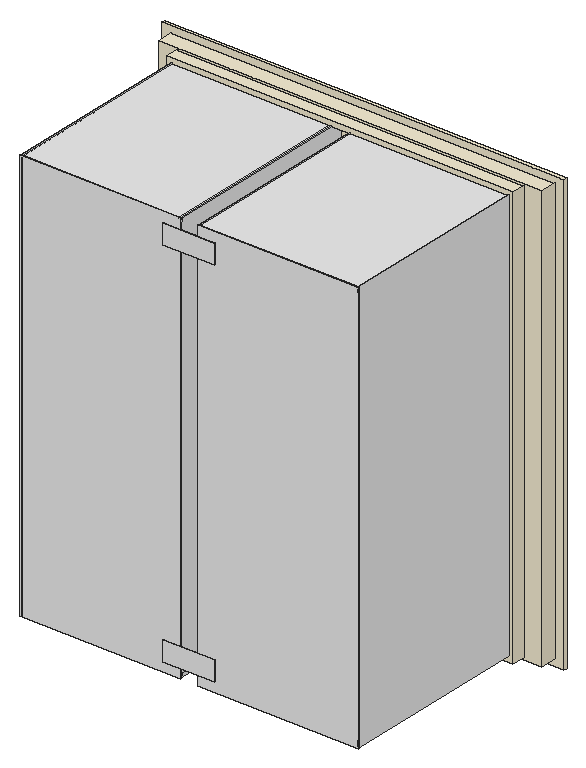
Revit family "Mailboxes_4C-Salsbury_Industries-Front_Load-9_Door_High_Units", category Specialty Equipment, host Wall, Revit 2016
Family settings
  Host = Wall
  Part Type = Normal
  Round Connector Dimension = Use Diameter
  OmniClass Number = 23.40.90.14.11
  OmniClass Title = Mail Boxes
  Always vertical = Yes
  Cut with Voids When Loaded = No
  Shared = No
  Room Calculation Point = No
Parameters (values of type "3709D-16 FL")
  Width = 31.09766"
  URL = "www.mailboxes.com"
  OmniClass 23 Title = "Mail Boxes"
  OmniClass 23 Number = "23.40.90.14.11"
  Visible Door Number [instance] = yes
  Vertical Center Divider = yes
  Version = "3.0 (06/30/17)"
  Type Comments = "4C Standard Horizontal Mailbox - Front Loading"
  Top Back Plate = yes
  Right Inside Wall = yes
  Model = "3709D-16 FL"
  MasterFormat Title = "Postal Specialties"
  MasterFormat Number = "10 55 00"
  Manufacturer = "Salsbury Industries"
  Lock Material = Stainless Steel - Salsbury Finish -  Polished
  Left Inside Wall = yes
  Keynote = ""
  Height = 34.000"
  Front Panel Material [instance] = Paint - Salsbury Finish - Sandstone
  Door Slot R9 Number [instance] = "16"
  Door Slot R9 = 3700 Series 4C Door Configurations : MB1 Door w/ Divider
  Door Slot R8 Number [instance] = "15"
  Door Slot R8 = 3700 Series 4C Door Configurations : MB1 Door w/ Divider
  Door Slot R7 Number [instance] = "14"
  Door Slot R7 = 3700 Series 4C Door Configurations : MB1 Door w/ Divider
  Door Slot R6 Number [instance] = "13"
  Door Slot R6 = 3700 Series 4C Door Configurations : MB1 Door w/ Divider
  Door Slot R5 Number [instance] = "0"
  Door Slot R5 = 3700 Series 4C OM2 Configuration : OM2-FL
  Door Slot R4 Number [instance] = "0"
  Door Slot R4 = 3700 Series 4C Door Configurations : Empty
  Door Slot R3 Number [instance] = "12"
  Door Slot R3 = 3700 Series 4C Door Configurations : MB1 Door w/ Divider
  Door Slot R2 Number [instance] = "11"
  Door Slot R2 = 3700 Series 4C Door Configurations : MB1 Door w/ Divider
  Door Slot R1 Number [instance] = "10"
  Door Slot R1 = 3700 Series 4C Door Configurations : MB1 Door
  Door Slot L9 Number [instance] = "9"
  Door Slot L9 = 3700 Series 4C Door Configurations : MB1 Door w/ Divider
  Door Slot L8 Number [instance] = "8"
  Door Slot L8 = 3700 Series 4C Door Configurations : MB1 Door w/ Divider
  Door Slot L7 Number [instance] = "7"
  Door Slot L7 = 3700 Series 4C Door Configurations : MB1 Door w/ Divider
  Door Slot L6 Number [instance] = "6"
  Door Slot L6 = 3700 Series 4C Door Configurations : MB1 Door w/ Divider
  Door Slot L5 Number [instance] = "5"
  Door Slot L5 = 3700 Series 4C Door Configurations : MB1 Door w/ Divider
  Door Slot L4 Number [instance] = "4"
  Door Slot L4 = 3700 Series 4C Door Configurations : MB1 Door w/ Divider
  Door Slot L3 Number [instance] = "3"
  Door Slot L3 = 3700 Series 4C Door Configurations : MB1 Door w/ Divider
  Door Slot L2 Number [instance] = "2"
  Door Slot L2 = 3700 Series 4C Door Configurations : MB1 Door w/ Divider
  Door Slot L1 Number [instance] = "1"
  Door Slot L1 = 3700 Series 4C Door Configurations : MB1 Door
  Description = "9 Door High Unit:  16 MB1, OM2"
  Depth = 17.025"
  Center Extrusion Offset [instance] = 0.000"
  Bottom Back Plate = yes
  Back Enclosure Material = Aluminum - Salsbury Finish - Anodized
  Assembly Description = "Mailboxes"
  Assembly Code = "C1030910"
  Above Finished Floor (AFF-Bottom of Unit) [instance] = 26.683"
  Above Finished Floor (AFF-Bottom Shelf) [instance] = 28.000"
Reference planes (in)
  plane 1 "Wall Centerline": y = 0
  plane 2 "Center (Left/Right)": x = 0
  plane 3 "Front": y = 3
  plane 4 "15" AFF": z = 28
  plane 5 "28" AFF": z = 28
  plane 6 "36" AFF": z = 36
  plane 7 "48" AFF": z = 48
  plane 8 "Bottom of Unit": z = 26.683
  plane 9 "Top of Unit": z = 60.683
  plane 10 "Left Side of Unit": x = 15.54883
  plane 11 "Right Side of Unit": x = -15.54883
  plane 12 "28" AFF_Bottom of Unit": z = 26.683
  plane 13 "Top Horiz Trim Align": z = 59.85225
  plane 14 "Bottom Horiz Trim Align": z = 27.515
  plane 15 "Left Trim Align": x = 14.716
  plane 16 "Right Trim Align": x = -14.716
  plane 17 "Left Door Align": x = 14.06641
  plane 18 "Right Door Align": x = -14.06641
  plane 19 "Top Horiz Door Align": z = 59.26125
  plane 20 "Bottom Horiz Door Align": z = 28
  plane 21 "Front Face of Unit": y = 3.265
  plane 22 "Top Housing Align": z = 60.179
  plane 23 "Top Collar Align": z = 60.031
  plane 24 "Top Box Align": z = 59.676
  plane 25 "Vertical Housing Align": y = 1.795
  plane 26 "Vertical Collar Align": y = 0.795
  plane 27 "Back of Unit": y = -13.76
  plane 28 "Bottom Housing Align": z = 27.187
  plane 29 "Bottom Collar Align": z = 27.335
  plane 30 "Bottom Box Align": z = 27.75
  plane 31 "Door Alignment": y = 2.66809
  plane 32 "Right Housing Align": x = -14.84183
  plane 33 "Right Collar Align": x = -13.40883
  plane 34 "Right Box Side Align": x = -13.08083
  plane 35 "Left Housing Align": x = 14.84183
  plane 36 "Left Collar Align": x = 13.40883
  plane 37 "Left Side Box Align": x = 13.08083
  plane 38 "Top Back Plate Align": z = 58.897
  plane 39 "Bottom Back Plate Align": z = 28.499
  plane 40 "Back": y = -3
  plane 41 "RO Left Side": x = 15.17383
  plane 42 "RO Right Side": x = -15.17383
  plane 43 "RO Bottom": z = 27.058
  plane 44 "RO Top": z = 60.308
  plane 45 "Horiz Centerline": z = 42.04237
  plane 46: z = 27.885
  plane 47: x = 12.99983
  plane 48: x = 12.92758
  plane 49 "Center Extrusion": x = 0
  plane 50 "Center Extrusion Offset": x = 0
  plane 51 "Row 9 Top Align": z = 31.5
  plane 52 "Row 8 Top Align": z = 35
  plane 53 "Row 7 Top Align": z = 38.5
  plane 54 "Row 6 Top Align": z = 42
  plane 55 "Row 5 Top Align": z = 45.5
  plane 56 "Row 4 Top Align": z = 49
  plane 57 "Row 3 Top Align": z = 52.5
  plane 58 "Row 2 Top Align": z = 56
  plane 59 "Row 16 Top Align-Private": z = 31.5
  plane 60 "Row 15 Top Align-Private": z = 35
  plane 61 "Row 14 Top Align-Private": z = 38.5
  plane 62 "Row 13 Top Align-Private": z = 42
  plane 63 "Row 12 Top Align-Private": z = 45.5
  plane 64 "Row 11 Top Align-Private": z = 49
  plane 65 "Row 10 Top Align-Private": z = 52.25
  plane 66 "Row 9 Top Align-Private": z = 55.75
  plane 67 "Row 8 Top Align-Private": z = 59.25
  plane 68 "Top of Face Gap": z = 61.25
  plane 69 "Top Latch Align": z = 51.376
  plane 70 "Bottom Latch Align": z = 36.05
  plane 71 "Right Latch Align": x = -0.69183
  plane 72 "Left Latch Align": x = 0.69098
  plane 73 "Latch Alignment Edge": x = -15.54883
  plane 74: x = -12.92783
  plane 75: x = -12.99983
  plane 76: y = -13.84203
  plane 77: x = -2
  plane 78: x = -0.7705
  plane 79: x = 0.7705
  plane 80: x = 2
  plane 81: y = -13.67797
  plane 82: x = -0.69098
  plane 83: x = 0.69183
  plane 84: z = 57.397
  plane 85: z = 29.999
  plane 86: z = 59.31729
  plane 87: z = 28.41625
  plane 88: z = 27.446
  plane 89: z = 28.055
Forms (in)
  Extrusion 1, void
    sketch origin (0, 3, 0) x (1, 0, 0) y (0, 0, 1)
      loop
        line (15.17383, 60.308) -> (-15.17383, 60.308) -> (-15.17383, 27.058) -> (15.17383, 27.058) -> (15.17383, 60.308)
    from 0 to 15.27914
  Extrusion 2, solid, material "Paint - Salsbury Finish - Sandstone" <- "Front Panel Material"
    sketch origin (0, 3, 0) x (1, 0, 0) y (0, 0, 1)
      loop
        line (15.54883, 60.683) -> (-15.54883, 60.683) -> (-15.54883, 26.683) -> (15.54883, 26.683) -> (15.54883, 60.683)
    from -0.265 to 0
  Extrusion 3, void
    sketch origin (0, 3.265, 0.00774) x (0, 0, -1) y (-1, 0, 0)
      loop
        line (-59.84451, -14.716) -> (-27.50726, -14.716) -> (-27.50726, 14.716) -> (-59.84451, 14.716) -> (-59.84451, -14.716)
    from -0.265 to 0
  Extrusion 4, solid, material "Paint - Salsbury Finish - Sandstone" <- "Front Panel Material"
    sketch origin (14.98214, 3.265, -1.67978) x (0, 0, -1) y (-1, 0, 0)
      loop
        line (-61.53203, 29.69814) -> (-61.53203, 29.04855) -> (-29.19478, 29.04855) -> (-29.19478, 29.69814) -> (-61.53203, 29.69814)
    from 0 to -0.265
  Extrusion 5, solid, material "Paint - Salsbury Finish - Sandstone" <- "Front Panel Material"
    sketch origin (0, 3.265, 0) x (0, 0, -1) y (-1, 0, 0)
      loop
        line (-27.515, -14.06641) -> (-27.515, 14.06641) -> (-28, 14.06641) -> (-28, -14.06641) -> (-27.515, -14.06641)
    from -0.265 to 0
  Extrusion 6, solid, material "Paint - Salsbury Finish - Sandstone" <- "Front Panel Material"
    sketch origin (0, 3, 84.08475) x (1, 0, 0) y (0, 0, 1)
      loop
        line (-14.84183, -56.89775) -> (14.84183, -56.89775) -> (14.84183, -23.90575) -> (-14.84183, -23.90575) -> (-14.84183, -56.89775)
    from 0 to 1.205
  Extrusion 7, solid, material "Paint - Salsbury Finish - Sandstone" <- "Front Panel Material"
    sketch origin (0, 1.795, 0) x (0, 0, 1) y (-1, 0, 0)
      loop
        line (27.335, 13.40883) -> (27.335, -13.40883) -> (60.031, -13.40883) -> (60.031, 13.40883) -> (27.335, 13.40883)
    from 0 to 1
  Extrusion 8, void
    sketch origin (0, 1.795, 0) x (0, 0, 1) y (-1, 0, 0)
      loop
        line (59.676, 13.08083) -> (27.75, 13.08083) -> (27.75, -13.08083) -> (59.676, -13.08083) -> (59.676, 13.08083)
    from 0 to 1
  Extrusion 9, solid, material "Paint - Salsbury Finish - Sandstone" <- "Front Panel Material"
    sketch origin (0, 3.265, 0) x (0, 0, -1) y (-1, 0, 0)
      loop
        line (-59.85225, -14.716) -> (-27.515, -14.716) -> (-27.515, -14.06641) -> (-59.85225, -14.06641) -> (-59.85225, -14.716)
    from 0 to -0.265
  Extrusion 10, solid, material "Paint - Salsbury Finish - Sandstone" <- "Front Panel Material"
    sketch origin (0, 3.265, 0) x (0, 0, -1) y (-1, 0, 0)
      loop
        line (-59.85225, -14.06641) -> (-59.26125, -14.06641) -> (-59.26125, 14.06641) -> (-59.85225, 14.06641) -> (-59.85225, -14.06641)
    from -0.265 to 0
  Extrusion 11, void
    sketch origin (0, 1.795, 0) x (0, 0, 1) y (-1, 0, 0)
      loop
        line (60.031, -13.40883) -> (60.031, 13.40883) -> (27.335, 13.40883) -> (27.335, -13.40883) -> (60.031, -13.40883)
    from -1.124 to 0
  Extrusion 12, void
    sketch origin (0, 3, 0) x (1, 0, 0) y (0, 0, 1)
      loop
        line (14.06641, 60.031) -> (-14.06641, 60.031) -> (-14.06641, 27.335) -> (14.06641, 27.335) -> (14.06641, 60.031)
    from 0 to 0.33191
  Extrusion 13, solid, material "Aluminum - Salsbury Finish - Anodized" <- "Back Enclosure Material"
    sketch origin (-0.58189, 1.795, 0) x (0, 0, 1) y (-1, 0, 0)
      loop
        line (59.676, 12.49894) -> (27.75, 12.49894) -> (27.75, 12.41794) -> (59.676, 12.41794) -> (59.676, 12.49894)
    from 0 to 15.47297
  Extrusion 14, solid, material "Aluminum - Salsbury Finish - Anodized" <- "Back Enclosure Material", visible <- "Right Inside Wall"
    sketch origin (11.7675, 1.795, 0) x (0, 0, 1) y (-1, 0, 0)
      loop
        line (59.676, 12.538) -> (27.75, 12.538) -> (27.75, 12.45933) -> (59.676, 12.45933) -> (59.676, 12.538)
    from 0 to 15.47297
  Extrusion 15, solid, material "Aluminum - Salsbury Finish - Anodized" <- "Back Enclosure Material"
    sketch origin (0.54283, 1.795, 0) x (0, 0, 1) y (-1, 0, 0)
      loop
        line (59.676, -12.538) -> (59.676, -12.457) -> (27.75, -12.457) -> (27.75, -12.538) -> (59.676, -12.538)
    from 0 to 15.47297
  Extrusion 16, solid, material "Aluminum - Salsbury Finish - Anodized" <- "Back Enclosure Material", visible <- "Left Inside Wall"
    sketch origin (-11.7675, 1.795, 0) x (0, 0, 1) y (-1, 0, 0)
      loop
        line (59.676, -12.538) -> (59.676, -12.45849) -> (27.75, -12.45849) -> (27.75, -12.538) -> (59.676, -12.538)
    from 0 to 15.47297
  Extrusion 17, solid, material "Aluminum - Salsbury Finish - Anodized" <- "Back Enclosure Material"
    sketch origin (0, -13.76, 0) x (0, 0, 1) y (-1, 0, 0)
      loop
        line (59.676, 13.08083) -> (27.75, 13.08083) -> (27.75, -13.08083) -> (59.676, -13.08083) -> (59.676, 13.08083)
    from -0.08203 to 0
  Extrusion 18, solid, material "Aluminum - Salsbury Finish - Anodized" <- "Back Enclosure Material"
    sketch origin (-0.15625, 0, 59.676) x (0, 1, 0) y (-1, 0, 0)
      loop
        line (1.795, 12.84358) -> (-13.67797, 12.84358) -> (-13.67797, -13.15608) -> (1.795, -13.15608) -> (1.795, 12.84358)
    from -0.35871 to 0
  Extrusion 19, void
    sketch origin (0, 0, 59.676) x (0, 1, 0) y (-1, 0, 0)
      loop
        line (1.7325, 12.93342) -> (-13.61547, 12.93342) -> (-13.61547, -12.92758) -> (1.7325, -12.92758) -> (1.7325, 12.93342)
    from -0.0723 to -0.6459
  Extrusion 20, solid, material "Aluminum - Salsbury Finish - Anodized" <- "Back Enclosure Material"
    sketch origin (0, 0, 15.41625) x (1, 0, 0) y (0, 1, 0)
      loop
        line (-12.99983, 1.795) -> (-12.99983, -13.67797) -> (12.99983, -13.67797) -> (12.99983, 1.795) -> (-12.99983, 1.795)
    from 12.46875 to 13
  Extrusion 21, void
    sketch origin (0, 0, 27.91625) x (1, 0, 0) y (0, 1, 0)
      loop
        line (-12.93342, 1.7325) -> (-12.93342, -13.61547) -> (12.92758, -13.61547) -> (12.92758, 1.7325) -> (-12.93342, 1.7325)
    from 0.13875 to -0.47025
  Extrusion 22, solid, material "Aluminum - Salsbury Finish - Anodized" <- "Back Enclosure Material", visible <- "Top Back Plate", detail levels medium+fine
    sketch origin (0, -13.76, 0) x (0, 0, 1) y (-1, 0, 0)
      loop
        line (58.897, 2) -> (57.397, 2) -> (57.397, -2) -> (58.897, -2) -> (58.897, 2)
    from 0 to 0.08203
  Extrusion 23, solid, material "Aluminum - Salsbury Finish - Anodized" <- "Back Enclosure Material", visible <- "Bottom Back Plate", detail levels medium+fine
    sketch origin (0, -13.76, 84.11475) x (0, 0, -1) y (1, 0, 0)
      loop
        line (55.61575, -2) -> (55.61575, 2) -> (54.11575, 2) -> (54.11575, -2) -> (55.61575, -2)
    from 0 to 0.08203
  Extrusion 24, void
    sketch origin (0, 0, 0) x (0, 0, -1) y (0, 1, 0)
      loop
        line (-59.676, 1.795) -> (-59.676, -13.76) -> (-27.75, -13.76) -> (-27.75, 1.795) -> (-27.515, 1.795) -> (-27.515, 3.265) -> (-59.85225, 3.265) -> (-59.85225, 1.795) -> (-59.676, 1.795)
    from -0.69098 to 0.69183
  Extrusion 25, solid, material "Paint - Salsbury Finish - Sandstone" <- "Front Panel Material", visible <- "Vertical Center Divider"
    sketch origin (-0.77934, 3.265, 0) x (0, 0, -1) y (-1, 0, 0)
      loop
        line (-59.85225, -1.47033) -> (-27.515, -1.47033) -> (-27.515, -0.08752) -> (-59.85225, -0.08752) -> (-59.85225, -1.47033)
    from 0 to -1.47
Cuts and joins
  Extrusion 3, Extrusion 11, Extrusion 24 cuts Extrusion 2
  Extrusion 8, Extrusion 11, Extrusion 12, Extrusion 24 cuts Extrusion 5
  Extrusion 8, Extrusion 12, Extrusion 19, Extrusion 24 cuts Extrusion 7
  Extrusion 11, Extrusion 12, Extrusion 24 cuts Extrusion 10
  Extrusion 11, Extrusion 12 cuts Extrusion 6
  Extrusion 12 cuts Extrusion 4
  Extrusion 12 cuts Extrusion 9
  Extrusion 19, Extrusion 21, Extrusion 24 cuts Extrusion 18
  Extrusion 21, Extrusion 24 cuts Extrusion 20
  Extrusion 24 cuts Extrusion 17
  Extrusion 24 cuts Extrusion 22
  Extrusion 24 cuts Extrusion 23
Lines and regions (in)
  model lines
    curve 1: line (15.54883, 3.265, 60.683) -> (14.716, 3.265, 59.85225)
    curve 2: line (-15.54883, 3.265, 60.683) -> (-14.716, 3.265, 59.85225)
    curve 3: line (-15.54883, 3.265, 26.683) -> (-14.716, 3.265, 27.515)
    curve 4: line (15.54883, 3.265, 26.683) -> (14.716, 3.265, 27.515)
  reference lines
    curve 5: line (-14.06641, 2.66809, 26.683) -> (-14.06641, 2.66809, 60.683)
    curve 6: line (14.06641, 2.66809, 26.683) -> (14.06641, 2.66809, 60.683)
  symbolic lines
    curve 7: line (-13.08083, -13.76, 28) -> (13.08083, -13.76, 28)
    curve 8: line (-13.08083, 0.795, 28) -> (-13.08083, -13.76, 28)
    curve 9: line (13.40883, 0.795, 28) -> (-13.40883, 0.795, 28)
    curve 10: line (13.08083, -13.76, 28) -> (13.08083, 0.795, 28)
    curve 11: line (13.40883, 0.795, 28) -> (13.40883, 1.795, 28)
    curve 12: line (-13.40883, 0.795, 28) -> (-13.40883, 1.795, 28)
    curve 13: line (-14.84183, 3, 28) -> (-14.84183, 1.795, 28)
    curve 14: line (-14.84183, 1.795, 28) -> (14.84183, 1.795, 28)
    curve 15: line (14.84183, 1.795, 28) -> (14.84183, 3, 28)
    curve 16: line (-15.54883, 3.265, 28) -> (15.54883, 3.265, 28)
    curve 17: line (-15.54883, 3, 28) -> (-15.54883, 3.265, 28)
    curve 18: line (15.54883, 3, 28) -> (-15.54883, 3, 28)
    curve 19: line (15.54883, 3.265, 28) -> (15.54883, 3, 28)
    curve 20: line (-14.06641, 3.265, 28) -> (-14.06641, 4.43, 28)
    curve 21: line (-14.06641, 4.43, 28) -> (-0.69183, 4.43, 28)
    curve 22: line (-0.69183, 4.43, 28) -> (-0.69183, 3.265, 28)
Text (in)
  text "Placement Side" at (0, 40.15149, 123.01588), in view "Right"
  text "Placement Side" at (-58.6842, 42.74981, 0), in view "Ref. Level"
  text "Placement Side" at (0, 47.49176, 140.59947), in view "Left"
Dimensions and locks (in)
  locked: plane 3 "Front" to host wall
  "Above Finished Floor (AFF-Bottom Shelf)": level to plane 4 "15" AFF"
  locked: level to plane 5 "28" AFF" at 28
  locked: level to plane 6 "36" AFF" at 36
  locked: level to plane 7 "48" AFF" at 48
  equal spacing: plane 11 "Right Side of Unit", plane 2 "Center (Left/Right)", plane 10 "Left Side of Unit"
  plane 8 "Bottom of Unit" to plane 4 "15" AFF" = 1.317"
  "Width": plane 11 "Right Side of Unit" to plane 10 "Left Side of Unit"
  "Height": plane 8 "Bottom of Unit" to plane 9 "Top of Unit"
  plane 12 "28" AFF_Bottom of Unit" to plane 5 "28" AFF" = 1.317"
  locked: plane 15 "Left Trim Align" to plane 10 "Left Side of Unit" at 0.83283
  locked: plane 16 "Right Trim Align" to plane 11 "Right Side of Unit" at 0.83283
  locked: plane 13 "Top Horiz Trim Align" to plane 9 "Top of Unit" at 0.83075
  locked: plane 8 "Bottom of Unit" to plane 14 "Bottom Horiz Trim Align" at 0.832
  plane 17 "Left Door Align" to plane 15 "Left Trim Align" = 0.64959"
  plane 18 "Right Door Align" to plane 16 "Right Trim Align" = 0.64959"
  locked: plane 19 "Top Horiz Door Align" to plane 13 "Top Horiz Trim Align" at 0.591
  locked: plane 14 "Bottom Horiz Trim Align" to plane 20 "Bottom Horiz Door Align" at 0.485
  plane 20 "Bottom Horiz Door Align" to level = 28.000"
  plane 5 "28" AFF" to level = 28.000"
  plane 6 "36" AFF" to level = 36.000"
  plane 7 "48" AFF" to level = 48.000"
  plane 9 "Top of Unit" to plane 8 "Bottom of Unit" = 34.000"
  plane 21 "Front Face of Unit" to host wall = 0.265"
  locked: host wall to plane 25 "Vertical Housing Align" at 1.205
  locked: plane 25 "Vertical Housing Align" to plane 26 "Vertical Collar Align" at 1
  plane 25 "Vertical Housing Align" to plane 27 "Back of Unit" = 15.555"
  "Depth": plane 21 "Front Face of Unit" to plane 27 "Back of Unit"
  locked: plane 9 "Top of Unit" to plane 22 "Top Housing Align" at 0.504
  locked: plane 22 "Top Housing Align" to plane 23 "Top Collar Align" at 0.148
  locked: plane 23 "Top Collar Align" to plane 24 "Top Box Align" at 0.355
  locked: plane 28 "Bottom Housing Align" to plane 8 "Bottom of Unit" at 0.504
  locked: plane 29 "Bottom Collar Align" to plane 28 "Bottom Housing Align" at 0.148
  locked: plane 30 "Bottom Box Align" to plane 29 "Bottom Collar Align" at 0.415
  plane 24 "Top Box Align" to plane 30 "Bottom Box Align" = 31.926"  (x2)
  locked: plane 21 "Front Face of Unit" to plane 31 "Door Alignment" at 0.59691
  plane 11 "Right Side of Unit" to plane 32 "Right Housing Align" to plane 33 "Right Collar Align" to plane 34 "Right Box Side Align" = 0.707" locked, 1.433" locked, 0.328" locked
  plane 37 "Left Side Box Align" to plane 36 "Left Collar Align" to plane 35 "Left Housing Align" to plane 10 "Left Side of Unit" = 0.328" locked, 1.433" locked, 0.707" locked
  plane 11 "Right Side of Unit" to plane 32 "Right Housing Align" to plane 33 "Right Collar Align" to plane 34 "Right Box Side Align" = 0.707", 1.433", 0.328"
  plane 37 "Left Side Box Align" to plane 36 "Left Collar Align" to plane 35 "Left Housing Align" to plane 10 "Left Side of Unit" = 0.328", 1.433", 0.707"
  plane 9 "Top of Unit" to plane 24 "Top Box Align" = 1.007"
  plane 30 "Bottom Box Align" to plane 8 "Bottom of Unit" = 1.067"
  locked: plane 24 "Top Box Align" to plane 38 "Top Back Plate Align" at 0.779
  locked: plane 39 "Bottom Back Plate Align" to plane 30 "Bottom Box Align" at 0.749
  locked: plane 41 "RO Left Side" to plane 10 "Left Side of Unit" at 0.375
  locked: plane 42 "RO Right Side" to plane 11 "Right Side of Unit" at 0.375
  locked: plane 8 "Bottom of Unit" to plane 43 "RO Bottom" at 0.375
  locked: plane 44 "RO Top" to plane 9 "Top of Unit" at 0.375
  Extrusion 13 to Extrusion 13 = 0.081"
  plane 46 to plane 30 "Bottom Box Align" = 0.135"
  Extrusion 15 to Extrusion 15 = 0.081"
  plane 47 to plane 37 "Left Side Box Align" = 0.081"
  plane 48 to plane 47 = 0.07225"
  plane 18 "Right Door Align" to plane 17 "Left Door Align" = 28.13281"
  "Center Extrusion Offset": plane 49 "Center Extrusion" to plane 50 "Center Extrusion Offset"
  plane 20 "Bottom Horiz Door Align" to plane 51 "Row 9 Top Align" to plane 52 "Row 8 Top Align" to plane 53 "Row 7 Top Align" to plane 54 "Row 6 Top Align" to plane 55 "Row 5 Top Align" to plane 56 "Row 4 Top Align" to plane 57 "Row 3 Top Align" to plane 58 "Row 2 Top Align" = 3.500", 3.500" locked, 3.500" locked, 3.500" locked, 3.500" locked, 3.500" locked, 3.500" locked, 3.500" locked
  plane 4 "15" AFF" to plane 59 "Row 16 Top Align-Private" = 3.500"
  plane 59 "Row 16 Top Align-Private" to plane 60 "Row 15 Top Align-Private" to plane 61 "Row 14 Top Align-Private" to plane 62 "Row 13 Top Align-Private" to plane 63 "Row 12 Top Align-Private" to plane 64 "Row 11 Top Align-Private" to plane 65 "Row 10 Top Align-Private" to plane 66 "Row 9 Top Align-Private" to plane 67 "Row 8 Top Align-Private" = 3.500" locked, 3.500" locked, 3.500" locked, 3.500" locked, 3.500" locked, 3.250" locked, 3.500" locked, 3.500" locked
  locked: plane 67 "Row 8 Top Align-Private" to plane 68 "Top of Face Gap" at 2
  "Above Finished Floor (AFF-Bottom of Unit)": level to plane 8 "Bottom of Unit"
  locked: plane 71 "Right Latch Align" to plane 72 "Left Latch Align" at 1.38281
  plane 24 "Top Box Align" to plane 69 "Top Latch Align" = 8.300"
  plane 70 "Bottom Latch Align" to plane 30 "Bottom Box Align" = 8.300"
  plane 73 "Latch Alignment Edge" to plane 71 "Right Latch Align" = 14.857"
  curve 15 to curve 19 = 0.707"
  plane 34 "Right Box Side Align" to plane 75 to plane 74 = 0.081", 0.072"
  plane 76 to plane 27 "Back of Unit" = 0.08203"
  plane 27 "Back of Unit" to plane 81 = 0.08203"
  cut or joined group of Extrusion 6, Extrusion 11, Extrusion 12 to Extrusion 25 = 32.66525"
  plane 77 to plane 78 to plane 71 "Right Latch Align" to plane 50 "Center Extrusion Offset" = 1.2295", 0.07867", 0.69183"
  plane 50 "Center Extrusion Offset" to plane 72 "Left Latch Align" to plane 79 to plane 80 = 0.69098", 0.07952", 1.2295"
  plane 82 to plane 49 "Center Extrusion" to plane 83 = 0.69098" locked, 0.69183" locked
  plane 11 "Right Side of Unit" to Extrusion 2 = 31.09766"
  plane 10 "Left Side of Unit" to Extrusion 6 = 30.39066"
  plane 38 "Top Back Plate Align" to plane 84 = 1.500"
  plane 85 to plane 39 "Bottom Back Plate Align" = 1.500"
  plane 4 "15" AFF" to Extrusion 13 = 31.676"
  plane 4 "15" AFF" to Extrusion 14 = 31.676"
  Extrusion 14 to Extrusion 16 = 31.926"
  Extrusion 16 to Extrusion 15 = 31.926"
  locked: plane 86 to plane 24 "Top Box Align" at 0.35871
  plane 14 "Bottom Horiz Trim Align" to plane 87 = 0.90125"
  plane 88 to plane 30 "Bottom Box Align" to plane 89 = 0.304" locked, 0.305" locked
  aligned and locked: plane 8 "Bottom of Unit" to Extrusion 2 sketch curve
  aligned and locked: plane 10 "Left Side of Unit" to Extrusion 2 sketch curve
  aligned and locked: Extrusion 2 sketch curve to plane 11 "Right Side of Unit"
  aligned and locked: Extrusion 2 sketch curve to plane 9 "Top of Unit"
  aligned and locked: plane 21 "Front Face of Unit" to Extrusion 2
  aligned and locked: Extrusion 4 to plane 16 "Right Trim Align"
  aligned and locked: plane 18 "Right Door Align" to Extrusion 4
  aligned and locked: plane 13 "Top Horiz Trim Align" to Extrusion 4
  aligned and locked: Extrusion 5 to plane 14 "Bottom Horiz Trim Align"
  aligned and locked: Extrusion 5 to plane 17 "Left Door Align"
  aligned and locked: plane 20 "Bottom Horiz Door Align" to Extrusion 5
  aligned and locked: Extrusion 5 to plane 18 "Right Door Align"
  aligned and locked: plane 34 "Right Box Side Align" to Extrusion 17 sketch curve
  aligned and locked: Extrusion 17 sketch curve to plane 24 "Top Box Align"
  aligned and locked: Extrusion 17 sketch curve to plane 37 "Left Side Box Align"
  aligned and locked: plane 30 "Bottom Box Align" to Extrusion 17 sketch curve
  aligned and locked: plane 25 "Vertical Housing Align" to Extrusion 18 sketch curve
  aligned and locked: Extrusion 18 sketch curve to plane 47
  aligned and locked: plane 48 to Extrusion 19
  aligned and locked: plane 47 to cut or joined group of Extrusion 18, Extrusion 19, Extrusion 21, Extrusion 24
  aligned and locked: plane 25 "Vertical Housing Align" to Extrusion 20 sketch curve
  aligned and locked: Extrusion 20 sketch curve to plane 47
  aligned and locked: plane 48 to cut or joined group of Extrusion 20, Extrusion 21, Extrusion 24
  aligned and locked: plane 17 "Left Door Align" to cut or joined group of Extrusion 9, Extrusion 12
  aligned and locked: plane 25 "Vertical Housing Align" to Extrusion 25
  aligned and locked: plane 21 "Front Face of Unit" to Extrusion 25
  aligned and locked: nested 1 to plane 58 "Row 2 Top Align"
  aligned and locked: nested 2 to plane 57 "Row 3 Top Align"
  aligned and locked: nested 10 to plane 17 "Left Door Align"
  aligned and locked: nested 10 to plane 58 "Row 2 Top Align"
  aligned and locked: plane 31 "Door Alignment" to nested 10  (x2)
  aligned and locked: nested 11 to plane 17 "Left Door Align"
  aligned and locked: nested 11 to plane 57 "Row 3 Top Align"
  aligned and locked: plane 31 "Door Alignment" to nested 11  (x2)
  aligned and locked: nested 16 to plane 17 "Left Door Align"
  aligned and locked: nested 16 to plane 52 "Row 8 Top Align"
  aligned and locked: plane 31 "Door Alignment" to nested 16
  aligned and locked: nested 17 to plane 17 "Left Door Align"
  aligned and locked: nested 17 to plane 51 "Row 9 Top Align"
  aligned and locked: plane 31 "Door Alignment" to nested 17  (x2)
  aligned and locked: nested 9 to curve 5
  aligned and locked: nested 8 to curve 5
  aligned and locked: nested 7 to curve 5
  aligned and locked: nested 6 to curve 5
  aligned and locked: nested 5 to curve 5
  aligned and locked: nested 3 to curve 5
  aligned and locked: nested 18 to curve 6
  aligned and locked: nested 17 to curve 6
  aligned and locked: nested 16 to curve 6
  aligned and locked: nested 15 to curve 6
  aligned and locked: nested 14 to curve 6
  aligned and locked: nested 13 to curve 6
  aligned and locked: nested 12 to curve 6
  aligned and locked: nested 11 to curve 6
  aligned and locked: nested 10 to curve 6
  aligned and locked: plane 31 "Door Alignment" to nested 6
  aligned and locked: plane 31 "Door Alignment" to nested 9
  aligned and locked: plane 31 "Door Alignment" to nested 8
  aligned and locked: plane 31 "Door Alignment" to nested 15
  aligned and locked: plane 31 "Door Alignment" to nested 5
  aligned and locked: plane 31 "Door Alignment" to nested 3
  aligned and locked: plane 31 "Door Alignment" to nested 12
  aligned and locked: plane 31 "Door Alignment" to nested 14
  aligned and locked: plane 31 "Door Alignment" to nested 2
  aligned and locked: plane 31 "Door Alignment" to nested 4
  aligned and locked: nested 1 to curve 5
  aligned and locked: nested 2 to curve 5
  aligned and locked: nested 4 to curve 5
  aligned and locked: plane 31 "Door Alignment" to nested 1
  aligned and locked: plane 31 "Door Alignment" to nested 7
  aligned and locked: plane 11 "Right Side of Unit" to plane 73 "Latch Alignment Edge"
  aligned and locked: plane 37 "Left Side Box Align" to curve 10
  aligned and locked: plane 27 "Back of Unit" to curve 7
  aligned and locked: curve 8 to plane 34 "Right Box Side Align"
  aligned and locked: curve 9 to plane 26 "Vertical Collar Align"
  aligned and locked: curve 13 to cut or joined group of Extrusion 6, Extrusion 11, Extrusion 12
  aligned and locked: curve 14 to cut or joined group of Extrusion 6, Extrusion 11, Extrusion 12
  aligned and locked: curve 15 to cut or joined group of Extrusion 6, Extrusion 11, Extrusion 12
  aligned and locked: nested 1 to curve 20
  aligned and locked: plane 71 "Right Latch Align" to curve 22
  aligned and locked: plane 21 "Front Face of Unit" to cut or joined group of Extrusion 2, Extrusion 3, Extrusion 11, Extrusion 24
  aligned and locked: plane 3 "Front" to cut or joined group of Extrusion 2, Extrusion 3, Extrusion 11, Extrusion 24
  aligned and locked: plane 35 "Left Housing Align" to cut or joined group of Extrusion 6, Extrusion 11, Extrusion 12  (x2)
  aligned and locked: plane 25 "Vertical Housing Align" to cut or joined group of Extrusion 6, Extrusion 11, Extrusion 12
  aligned and locked: cut or joined group of Extrusion 6, Extrusion 11, Extrusion 12 to plane 3 "Front"
  aligned and locked: cut or joined group of Extrusion 6, Extrusion 11, Extrusion 12 to plane 32 "Right Housing Align"
  aligned and locked: plane 26 "Vertical Collar Align" to cut or joined group of Extrusion 7, Extrusion 8, Extrusion 12, Extrusion 19, Extrusion 24
  aligned and locked: cut or joined group of Extrusion 7, Extrusion 8, Extrusion 12, Extrusion 19, Extrusion 24 to plane 33 "Right Collar Align"
  aligned and locked: cut or joined group of Extrusion 7, Extrusion 8, Extrusion 12, Extrusion 19, Extrusion 24 to plane 25 "Vertical Housing Align"
  aligned and locked: plane 36 "Left Collar Align" to cut or joined group of Extrusion 7, Extrusion 8, Extrusion 12, Extrusion 19, Extrusion 24
  aligned and locked: plane 37 "Left Side Box Align" to Extrusion 15
  aligned and locked: Extrusion 15 to plane 47  (x2)
  aligned and locked: plane 27 "Back of Unit" to cut or joined group of Extrusion 17, Extrusion 24
  aligned and locked: Extrusion 13 to plane 34 "Right Box Side Align"
  aligned and locked: plane 37 "Left Side Box Align" to cut or joined group of Extrusion 17, Extrusion 24
  aligned and locked: plane 75 to Extrusion 13
  aligned and locked: cut or joined group of Extrusion 18, Extrusion 19, Extrusion 21, Extrusion 24 to plane 75
  aligned and locked: plane 76 to cut or joined group of Extrusion 22, Extrusion 24
  aligned and locked: plane 76 to cut or joined group of Extrusion 23, Extrusion 24
  aligned and locked: cut or joined group of Extrusion 22, Extrusion 24 to plane 27 "Back of Unit"
  aligned and locked: cut or joined group of Extrusion 23, Extrusion 24 to plane 27 "Back of Unit"
  aligned and locked: plane 79 to Extrusion 16
  aligned and locked: Extrusion 14 to plane 78
  aligned and locked: plane 80 to cut or joined group of Extrusion 22, Extrusion 24
  aligned and locked: plane 77 to cut or joined group of Extrusion 22, Extrusion 24  (x2)
  aligned and locked: plane 77 to cut or joined group of Extrusion 23, Extrusion 24  (x2)
  aligned and locked: cut or joined group of Extrusion 23, Extrusion 24 to plane 80  (x2)
  aligned and locked: plane 81 to cut or joined group of Extrusion 17, Extrusion 24
  aligned and locked: plane 81 to cut or joined group of Extrusion 18, Extrusion 19, Extrusion 21, Extrusion 24
  aligned and locked: Extrusion 15 to plane 25 "Vertical Housing Align"
  aligned and locked: Extrusion 16 to plane 25 "Vertical Housing Align"
  aligned and locked: Extrusion 14 to plane 25 "Vertical Housing Align"
  aligned and locked: Extrusion 13 to plane 25 "Vertical Housing Align"
  aligned and locked: plane 81 to Extrusion 15
  aligned and locked: plane 81 to Extrusion 16
  aligned and locked: plane 81 to Extrusion 14
  aligned and locked: plane 81 to Extrusion 13
  aligned and locked: Extrusion 14 to plane 71 "Right Latch Align"
  aligned and locked: plane 13 "Top Horiz Trim Align" to cut or joined group of Extrusion 9, Extrusion 12
  aligned and locked: cut or joined group of Extrusion 9, Extrusion 12 to plane 15 "Left Trim Align"
  aligned and locked: cut or joined group of Extrusion 9, Extrusion 12 to plane 14 "Bottom Horiz Trim Align"
  aligned and locked: cut or joined group of Extrusion 4, Extrusion 12 to plane 14 "Bottom Horiz Trim Align"
  aligned and locked: cut or joined group of Extrusion 10, Extrusion 11, Extrusion 12, Extrusion 24 to plane 17 "Left Door Align"
  aligned and locked: cut or joined group of Extrusion 10, Extrusion 11, Extrusion 12, Extrusion 24 to plane 18 "Right Door Align"
  aligned and locked: cut or joined group of Extrusion 10, Extrusion 11, Extrusion 12, Extrusion 24 to plane 19 "Top Horiz Door Align"
  aligned and locked: plane 13 "Top Horiz Trim Align" to cut or joined group of Extrusion 10, Extrusion 11, Extrusion 12, Extrusion 24
  aligned and locked: plane 21 "Front Face of Unit" to cut or joined group of Extrusion 9, Extrusion 12
  aligned and locked: plane 3 "Front" to cut or joined group of Extrusion 9, Extrusion 12
  aligned and locked: plane 21 "Front Face of Unit" to cut or joined group of Extrusion 4, Extrusion 12
  aligned and locked: plane 3 "Front" to cut or joined group of Extrusion 4, Extrusion 12
  aligned and locked: plane 13 "Top Horiz Trim Align" to Extrusion 25
  aligned and locked: Extrusion 25 to plane 14 "Bottom Horiz Trim Align"
  aligned and locked: plane 71 "Right Latch Align" to Extrusion 25
  aligned and locked: Extrusion 25 to plane 72 "Left Latch Align"
  aligned and locked: plane 72 "Left Latch Align" to Extrusion 16
  aligned and locked: plane 82 to Extrusion 24
  aligned and locked: plane 83 to Extrusion 24
  aligned and locked: plane 27 "Back of Unit" to Extrusion 24
  aligned and locked: plane 21 "Front Face of Unit" to Extrusion 24
  aligned and locked: plane 9 "Top of Unit" to curve 5
  aligned and locked: plane 8 "Bottom of Unit" to curve 5
  aligned and locked: plane 8 "Bottom of Unit" to curve 6
  aligned and locked: curve 6 to plane 17 "Left Door Align"
  aligned and locked: plane 22 "Top Housing Align" to cut or joined group of Extrusion 6, Extrusion 11, Extrusion 12
  aligned and locked: plane 28 "Bottom Housing Align" to cut or joined group of Extrusion 6, Extrusion 11, Extrusion 12
  aligned and locked: cut or joined group of Extrusion 7, Extrusion 8, Extrusion 12, Extrusion 19, Extrusion 24 to plane 29 "Bottom Collar Align"
  aligned and locked: plane 23 "Top Collar Align" to cut or joined group of Extrusion 7, Extrusion 8, Extrusion 12, Extrusion 19, Extrusion 24
  aligned and locked: plane 10 "Left Side of Unit" to curve 1
  aligned and locked: plane 9 "Top of Unit" to curve 1
  aligned and locked: plane 15 "Left Trim Align" to curve 1
  aligned and locked: plane 13 "Top Horiz Trim Align" to curve 1
  aligned and locked: plane 11 "Right Side of Unit" to curve 2
  aligned and locked: plane 9 "Top of Unit" to curve 2
  aligned and locked: plane 16 "Right Trim Align" to curve 2
  aligned and locked: plane 13 "Top Horiz Trim Align" to curve 2
  aligned and locked: plane 10 "Left Side of Unit" to curve 4
  aligned and locked: plane 8 "Bottom of Unit" to curve 4
  aligned and locked: plane 15 "Left Trim Align" to curve 4
  aligned and locked: plane 14 "Bottom Horiz Trim Align" to curve 4
  aligned and locked: plane 8 "Bottom of Unit" to curve 3
  aligned and locked: plane 11 "Right Side of Unit" to curve 3
  aligned and locked: plane 16 "Right Trim Align" to curve 3
  aligned and locked: plane 14 "Bottom Horiz Trim Align" to curve 3
  aligned and locked: cut or joined group of Extrusion 22, Extrusion 24 to plane 38 "Top Back Plate Align"
  aligned and locked: cut or joined group of Extrusion 22, Extrusion 24 to plane 80
  aligned and locked: plane 84 to cut or joined group of Extrusion 22, Extrusion 24
  aligned and locked: cut or joined group of Extrusion 23, Extrusion 24 to plane 39 "Bottom Back Plate Align"
  aligned and locked: plane 85 to cut or joined group of Extrusion 23, Extrusion 24
  aligned and locked: plane 24 "Top Box Align" to Extrusion 13
  aligned and locked: Extrusion 13 to plane 30 "Bottom Box Align"
  aligned and locked: plane 24 "Top Box Align" to Extrusion 14
  aligned and locked: Extrusion 14 to plane 30 "Bottom Box Align"
  aligned and locked: Extrusion 16 to plane 30 "Bottom Box Align"
  aligned and locked: plane 24 "Top Box Align" to Extrusion 16
  aligned and locked: plane 24 "Top Box Align" to Extrusion 15
  aligned and locked: Extrusion 15 to plane 30 "Bottom Box Align"
  aligned and locked: plane 24 "Top Box Align" to cut or joined group of Extrusion 18, Extrusion 19, Extrusion 21, Extrusion 24
  aligned and locked: plane 86 to cut or joined group of Extrusion 18, Extrusion 19, Extrusion 21, Extrusion 24
  aligned and locked: cut or joined group of Extrusion 20, Extrusion 21, Extrusion 24 to plane 46
  aligned and locked: plane 87 to cut or joined group of Extrusion 20, Extrusion 21, Extrusion 24
  aligned and locked: plane 81 to cut or joined group of Extrusion 20, Extrusion 21, Extrusion 24
  aligned and locked: cut or joined group of Extrusion 20, Extrusion 21, Extrusion 24 to plane 75
  aligned and locked: plane 21 "Front Face of Unit" to cut or joined group of Extrusion 5, Extrusion 8, Extrusion 11, Extrusion 12, Extrusion 24
  aligned and locked: plane 3 "Front" to cut or joined group of Extrusion 5, Extrusion 8, Extrusion 11, Extrusion 12, Extrusion 24
  aligned and locked: plane 21 "Front Face of Unit" to cut or joined group of Extrusion 10, Extrusion 11, Extrusion 12, Extrusion 24
  aligned and locked: plane 3 "Front" to cut or joined group of Extrusion 10, Extrusion 11, Extrusion 12, Extrusion 24
  aligned and locked: plane 51 "Row 9 Top Align" to nested 8
  aligned and locked: plane 53 "Row 7 Top Align" to nested 15
  aligned and locked: plane 53 "Row 7 Top Align" to nested 6
  aligned and locked: plane 54 "Row 6 Top Align" to nested 5
  aligned and locked: plane 56 "Row 4 Top Align" to nested 3
  aligned and locked: plane 56 "Row 4 Top Align" to nested 12
  aligned and locked: plane 52 "Row 8 Top Align" to nested 7
  aligned and locked: plane 55 "Row 5 Top Align" to nested 4
  aligned and locked: plane 54 "Row 6 Top Align" to nested 14
  aligned and locked: plane 31 "Door Alignment" to nested 18
  aligned and locked: plane 20 "Bottom Horiz Door Align" to nested 9
  aligned and locked: plane 20 "Bottom Horiz Door Align" to nested 18
  aligned and locked: plane 55 "Row 5 Top Align" to nested 13
  aligned and locked: plane 31 "Door Alignment" to nested 13
  aligned and locked: Extrusion 21 to plane 89
  aligned and locked: plane 88 to Extrusion 21
Automatic sketch dimensions
  Extrusion 1 sketch curve to plane 42 "RO Right Side" = 0.000"
  plane 41 "RO Left Side" to Extrusion 1 sketch curve = 0.000"
  Extrusion 1 sketch curve to plane 43 "RO Bottom" = 0.000"
  Extrusion 1 sketch curve to plane 44 "RO Top" = 0.000"
  Extrusion 6 sketch curve to plane 22 "Top Housing Align" = 0.000"
  plane 32 "Right Housing Align" to Extrusion 6 sketch curve = 0.000"
  Extrusion 6 sketch curve to plane 35 "Left Housing Align" = 0.000"
  Extrusion 6 sketch curve to plane 28 "Bottom Housing Align" = 0.000"
  Extrusion 7 sketch curve to plane 29 "Bottom Collar Align" = 0.000"
  plane 23 "Top Collar Align" to Extrusion 7 sketch curve = 0.000"
  plane 36 "Left Collar Align" to Extrusion 7 sketch curve = 0.000"
  Extrusion 7 sketch curve to plane 33 "Right Collar Align" = 0.000"
  Extrusion 8 sketch curve to plane 30 "Bottom Box Align" = 0.000"
  Extrusion 8 sketch curve to plane 24 "Top Box Align" = 0.000"
  Extrusion 8 sketch curve to plane 37 "Left Side Box Align" = 0.000"
  plane 34 "Right Box Side Align" to Extrusion 8 sketch curve = 0.000"
  Extrusion 11 sketch curve to plane 29 "Bottom Collar Align" = 0.000"
  Extrusion 11 sketch curve to plane 23 "Top Collar Align" = 0.000"
  plane 36 "Left Collar Align" to Extrusion 11 sketch curve = 0.000"
  plane 33 "Right Collar Align" to Extrusion 11 sketch curve = 0.000"
  Extrusion 13 sketch curve to plane 30 "Bottom Box Align" = 0.000"
  plane 24 "Top Box Align" to Extrusion 13 sketch curve = 0.000"
  Extrusion 13 sketch curve to plane 34 "Right Box Side Align" = 0.000"
  Extrusion 13 sketch curve to Extrusion 13 sketch curve = 0.081"
  plane 30 "Bottom Box Align" to Extrusion 15 sketch curve = 0.000"
  Extrusion 15 sketch curve to plane 24 "Top Box Align" = 0.000"
  plane 37 "Left Side Box Align" to Extrusion 15 sketch curve = 0.000"
  plane 37 "Left Side Box Align" to Extrusion 15 sketch curve = 0.081"
  Extrusion 18 sketch curve to plane 27 "Back of Unit" = 0.08203"
  plane 34 "Right Box Side Align" to Extrusion 18 sketch curve = 0.081"
  plane 34 "Right Box Side Align" to Extrusion 20 sketch curve = 0.081"
  Extrusion 20 sketch curve to plane 27 "Back of Unit" = 0.08203"
  Extrusion 3 sketch curve to plane 13 "Top Horiz Trim Align" = 0.000"
  Extrusion 3 sketch curve to plane 14 "Bottom Horiz Trim Align" = 0.000"
  plane 15 "Left Trim Align" to Extrusion 3 sketch curve = 0.000"
  Extrusion 3 sketch curve to plane 16 "Right Trim Align" = 0.000"
  Extrusion 4 sketch curve to plane 13 "Top Horiz Trim Align" = 0.000"
  plane 14 "Bottom Horiz Trim Align" to Extrusion 4 sketch curve = 0.000"
  plane 16 "Right Trim Align" to Extrusion 4 sketch curve = 0.000"
  Extrusion 4 sketch curve to plane 18 "Right Door Align" = 0.000"
  plane 13 "Top Horiz Trim Align" to Extrusion 9 sketch curve = 0.000"
  Extrusion 9 sketch curve to plane 14 "Bottom Horiz Trim Align" = 0.000"
  Extrusion 9 sketch curve to plane 15 "Left Trim Align" = 0.000"
  plane 17 "Left Door Align" to Extrusion 9 sketch curve = 0.000"
  plane 13 "Top Horiz Trim Align" to Extrusion 10 sketch curve = 0.000"
  Extrusion 10 sketch curve to plane 17 "Left Door Align" = 0.000"
  Extrusion 10 sketch curve to plane 18 "Right Door Align" = 0.000"
  Extrusion 10 sketch curve to plane 19 "Top Horiz Door Align" = 0.000"
  Extrusion 12 sketch curve to plane 18 "Right Door Align" = 0.000"
  plane 17 "Left Door Align" to Extrusion 12 sketch curve = 0.000"
  Extrusion 12 sketch curve to plane 29 "Bottom Collar Align" = 0.000"
  Extrusion 12 sketch curve to plane 23 "Top Collar Align" = 0.000"
  Extrusion 14 sketch curve to plane 30 "Bottom Box Align" = 0.000"
  plane 24 "Top Box Align" to Extrusion 14 sketch curve = 0.000"
  Extrusion 14 sketch curve to plane 2 "Center (Left/Right)" = 0.69183"
  Extrusion 14 sketch curve to Extrusion 14 sketch curve = 0.07867"
  plane 30 "Bottom Box Align" to Extrusion 16 sketch curve = 0.000"
  Extrusion 16 sketch curve to plane 24 "Top Box Align" = 0.000"
  Extrusion 16 sketch curve to plane 2 "Center (Left/Right)" = 0.69098"
  Extrusion 16 sketch curve to Extrusion 16 sketch curve = 0.07952"
  Extrusion 19 sketch curve to plane 48 = 0.000"
  Extrusion 19 sketch curve to plane 27 "Back of Unit" = 0.14453"
  plane 25 "Vertical Housing Align" to Extrusion 19 sketch curve = 0.0625"
  plane 34 "Right Box Side Align" to Extrusion 19 sketch curve = 0.14741"
  Extrusion 21 sketch curve to plane 48 = 0.000"
  plane 25 "Vertical Housing Align" to Extrusion 21 sketch curve = 0.0625"
  plane 34 "Right Box Side Align" to Extrusion 21 sketch curve = 0.14741"
  Extrusion 21 sketch curve to plane 27 "Back of Unit" = 0.14453"
  Extrusion 22 sketch curve to plane 38 "Top Back Plate Align" = 0.000"
  plane 38 "Top Back Plate Align" to Extrusion 22 sketch curve = 1.500"
  plane 2 "Center (Left/Right)" to Extrusion 22 sketch curve = 2.000"
  Extrusion 22 sketch curve to plane 2 "Center (Left/Right)" = 2.000"
  Extrusion 23 sketch curve to plane 39 "Bottom Back Plate Align" = 0.000"
  Extrusion 23 sketch curve to plane 39 "Bottom Back Plate Align" = 1.500"
  Extrusion 23 sketch curve to plane 2 "Center (Left/Right)" = 2.000"
  plane 2 "Center (Left/Right)" to Extrusion 23 sketch curve = 2.000"
  plane 13 "Top Horiz Trim Align" to Extrusion 25 sketch curve = 0.000"
  Extrusion 25 sketch curve to plane 14 "Bottom Horiz Trim Align" = 0.000"
  plane 2 "Center (Left/Right)" to Extrusion 25 sketch curve = 0.69098"
  Extrusion 25 sketch curve to plane 2 "Center (Left/Right)" = 0.69183"
  plane 4 "15" AFF" to Extrusion 5 sketch curve = 0.000"
  Extrusion 5 sketch curve to plane 14 "Bottom Horiz Trim Align" = 0.000"
  Extrusion 5 sketch curve to plane 17 "Left Door Align" = 0.000"
  Extrusion 5 sketch curve to plane 18 "Right Door Align" = 0.000"
  curve 9 to plane 33 "Right Collar Align" = 0.000"
  curve 11 to plane 36 "Left Collar Align" = 0.000"
  plane 21 "Front Face of Unit" to curve 21 = 1.165"
  curve 18 to host wall = 0.000"
  curve 18 to plane 11 "Right Side of Unit" = 0.000"
  curve 16 to plane 21 "Front Face of Unit" = 0.000"
  Extrusion 24 sketch curve to plane 13 "Top Horiz Trim Align" = 0.000"
  Extrusion 24 sketch curve to plane 24 "Top Box Align" = 0.000"
  Extrusion 24 sketch curve to plane 27 "Back of Unit" = 0.000"
  Extrusion 24 sketch curve to plane 30 "Bottom Box Align" = 0.000"
  Extrusion 24 sketch curve to plane 14 "Bottom Horiz Trim Align" = 0.000"
  Extrusion 24 sketch curve to plane 25 "Vertical Housing Align" = 0.000"  (x2)
  Extrusion 24 sketch curve to plane 21 "Front Face of Unit" = 0.000"
  curve 6 to plane 9 "Top of Unit" = 0.000"
  curve 5 to plane 18 "Right Door Align" = 0.000"
Nested families (in)
  nested 1: "3700 Series 4C Door Configurations" at (-7.37891, 2.79505, 56) x (-1, 0, 0) z (0, 0, 1), type <- "Door Slot R1", Door Number <- "Door Slot R1 Number", type "MB1 Door"
    with Door Number "10"
  nested 2: "3700 Series 4C Door Configurations" at (-7.37891, 2.79505, 52.5) x (-1, 0, 0) z (0, 0, 1), type <- "Door Slot R2", Door Number <- "Door Slot R2 Number", type "MB1 Door w/ Divider"
    with Door Number "11"
  nested 3: "3700 Series 4C Door Configurations" at (-7.37891, 2.79505, 49) x (-1, 0, 0) z (0, 0, 1), type <- "Door Slot R3", Door Number <- "Door Slot R3 Number", type "MB1 Door w/ Divider"
    with Door Number "12"
  nested 4: "3700 Series 4C Door Configurations" at (-7.37891, 2.79505, 45.5) x (-1, 0, 0) z (0, 0, 1), type <- "Door Slot R4", Door Number <- "Door Slot R4 Number", type "Empty"
    with Door Number "0"
  nested 5: "3700 Series 4C OM2 Configuration" at (-7.37891, 2.79505, 42) x (-1, 0, 0) z (0, 0, 1), type <- "Door Slot R5", Door Number <- "Door Slot R5 Number", type "OM2-FL"
    with Door Number "0"
  nested 6: "3700 Series 4C Door Configurations" at (-7.37891, 2.79505, 38.5) x (-1, 0, 0) z (0, 0, 1), type <- "Door Slot R6", Door Number <- "Door Slot R6 Number", type "MB1 Door w/ Divider"
    with Door Number "13"
  nested 7: "3700 Series 4C Door Configurations" at (-7.37891, 2.79505, 35) x (-1, 0, 0) z (0, 0, 1), type <- "Door Slot R7", Door Number <- "Door Slot R7 Number", type "MB1 Door w/ Divider"
    with Door Number "14"
  nested 8: "3700 Series 4C Door Configurations" at (-7.37891, 2.79505, 31.5) x (-1, 0, 0) z (0, 0, 1), type <- "Door Slot R8", Door Number <- "Door Slot R8 Number", type "MB1 Door w/ Divider"
    with Door Number "15"
  nested 9: "3700 Series 4C Door Configurations" at (-7.37891, 2.79505, 28) x (-1, 0, 0) z (0, 0, 1), type <- "Door Slot R9", Door Number <- "Door Slot R9 Number", type "MB1 Door w/ Divider"
    with Door Number "16"
  nested 10: "3700 Series 4C Door Configurations" at (7.37891, 2.79505, 56) x (-1, 0, 0) z (0, 0, 1), type <- "Door Slot L1", Door Number <- "Door Slot L1 Number", type "MB1 Door"
    with Door Number "1"
  nested 11: "3700 Series 4C Door Configurations" at (7.37891, 2.79505, 52.5) x (-1, 0, 0) z (0, 0, 1), type <- "Door Slot L2", Door Number <- "Door Slot L2 Number", type "MB1 Door w/ Divider"
    with Door Number "2"
  nested 12: "3700 Series 4C Door Configurations" at (7.37891, 2.79505, 49) x (-1, 0, 0) z (0, 0, 1), type <- "Door Slot L3", Door Number <- "Door Slot L3 Number", type "MB1 Door w/ Divider"
    with Door Number "3"
  nested 13: "3700 Series 4C Door Configurations" at (7.37891, 2.79505, 45.5) x (-1, 0, 0) z (0, 0, 1), type <- "Door Slot L4", Door Number <- "Door Slot L4 Number", type "MB1 Door w/ Divider"
    with Door Number "4"
  nested 14: "3700 Series 4C Door Configurations" at (7.37891, 2.79505, 42) x (-1, 0, 0) z (0, 0, 1), type <- "Door Slot L5", Door Number <- "Door Slot L5 Number", type "MB1 Door w/ Divider"
    with Door Number "5"
  nested 15: "3700 Series 4C Door Configurations" at (7.37891, 2.79505, 38.5) x (-1, 0, 0) z (0, 0, 1), type <- "Door Slot L6", Door Number <- "Door Slot L6 Number", type "MB1 Door w/ Divider"
    with Door Number "6"
  nested 16: "3700 Series 4C Door Configurations" at (7.37891, 2.79505, 35) x (-1, 0, 0) z (0, 0, 1), type <- "Door Slot L7", Door Number <- "Door Slot L7 Number", type "MB1 Door w/ Divider"
    with Door Number "7"
  nested 17: "3700 Series 4C Door Configurations" at (7.37891, 2.79505, 31.5) x (-1, 0, 0) z (0, 0, 1), type <- "Door Slot L8", Door Number <- "Door Slot L8 Number", type "MB1 Door w/ Divider"
    with Door Number "8"
  nested 18: "3700 Series 4C Door Configurations" at (7.37891, 2.79505, 28) x (-1, 0, 0) z (0, 0, 1), type <- "Door Slot L9", Door Number <- "Door Slot L9 Number", type "MB1 Door w/ Divider"
    with Door Number "9"
Definition of nested family "3700 Series 4C Door Configurations"
  Parameters (values of type "MB3 Door")
    Weight = "15 lbs."
    Visible Door Number = yes
    URL = ""
    Model = "3700MB3"
    Manufacturer = "Salsbury Industries"
    Lock Material = none
    Inset Offset = 0.000"
    Front Panel Material = none
    Door Width = 13.375"
    Door Visibility-MB1 = yes
    Door Number [instance] = "101"
    Door Lock = yes
    Door Height = 10.23047"
    Door Divider = no
    Door Depth = 0.25391"
    Description = "MB3 Door for 3700 Series 4C Mailboxes"
    Cost = 0
    Center Lock-Vertical = 0.875"
    Center Lock-Horizontal = 1.61523"
  Types (11): name | Weight | Visible Door Number | Model | Inset Offset | Door Visibility-MB1 | Door Lock | Door Height | Door Divider | Description
    MB1 Door w/ Divider | "5 lbs." | yes | "3700MB1" | 0.000" | yes | yes | 3.23047" | yes | "MB1 Door for 3700 Series 4C Mailboxes"
    MB1 Door | "5 lbs." | yes | "3700MB1" | 0.000" | yes | yes | 3.23047" | no | "MB1 Door for 3700 Series 4C Mailboxes"
    MB2 Door | "10 lbs." | yes | "3700MB2" | 0.000" | yes | yes | 6.73047" | no | "MB2 Door for 3700 Series 4C Mailboxes"
    MB2 Door w/ Divider | "10 lbs." | yes | "3700MB2" | 0.000" | yes | yes | 6.73047" | yes | "MB2 Door for 3700 Series 4C Mailboxes"
    MB3 Door | "15 lbs." | yes | "3700MB3" | 0.000" | yes | yes | 10.23047" | no | "MB3 Door for 3700 Series 4C Mailboxes"
    MB3 Door w/ Divider | "15 lbs." | yes | "3700MB3" | 0.000" | yes | yes | 10.23047" | yes | "MB3 Door for 3700 Series 4C Mailboxes"
    MB4 Door | "20 lbs." | yes | "3700MB4" | 0.000" | yes | yes | 13.73047" | no | "MB4 Door for 3700 Series 4C Mailboxes"
    MB4 Door w/ Divider | "20 lbs." | yes | "3700MB4" | 0.000" | yes | yes | 13.73047" | yes | "MB4 Door for 3700 Series 4C Mailboxes"
    Blank Door | "5 lbs." | no | "3700MB1" | 0.18359" | yes | no | 3.23047" | no | "MB1 Door for 3700 Series 4C Mailboxes"
    Blank Door w/ Divider | "5 lbs." | no | "3700MB1" | 0.18402" | yes | no | 3.23047" | yes | "MB1 Door for 3700 Series 4C Mailboxes"
    Empty | "5 lbs." | no | "Empty MB1" | 0.18359" | no | no | 3.23047" | no | "Empty MB1 Door for 3700 Series 4C Mailboxes"
  Reference planes (in)
    plane 1 "Center (Front/Back)": y = 0
    plane 2 "Bottom of Door": z = 0
    plane 3 "Center (Left/Right)": x = 0
    plane 4 "Left Side Face of Door": x = -6.6875
    plane 5 "Right Side Face of Door": x = 6.6875
    plane 6 "Back Face of Door": y = 0.12695
    plane 7 "Front Face of Door": y = -0.12695
    plane 8: z = 10.23047
    plane 9: z = 5.11523
    plane 10 "Face of Divider": y = -0.46995
    plane 11 "Center Lock Vertical": x = -5.8125
    plane 12 "Center Lock Horizontal": z = 1.61523
    plane 13 "Face of Lock": y = -0.42383
    plane 14 "Divider Height Align": z = 10.50047
    plane 15 "Inset Center": x = -0.0975
    plane 16 "Inset Offset": y = -0.12695
    plane 17: z = 5.49038
    plane 18: z = 4.74072
  Forms (in)
    Extrusion 1, solid, material <- "Front Panel Material", visible <- "Door Visibility-MB1"
      sketch origin (0, 0, 0) x (1, 0, 0) y (0, 1, 0)
        loop
          line (-6.4355, 0.12695) -> (-6.6875, -0.05445) -> (-6.6875, -0.12695) -> (6.05625, -0.12695)
          arc (6.05625, -0.12695) -> (6.19558, -0.17661) -> (6.27209, -0.3032) r 0.22029
          arc (6.27209, -0.3032) -> (6.3553, -0.42132) -> (6.4925, -0.46664) r 0.23034
          arc (6.4925, -0.46664) -> (6.63039, -0.40952) -> (6.6875, -0.27164) r 0.195
          line (6.6875, -0.27164) -> (6.6875, 0.12695) -> (-6.4355, 0.12695)
      from 0 to 10.23047
    Blend 2, solid, material <- "Lock Material", visible <- "Door Lock"
      base sketch origin (0, -0.12695, 0) x (-1, 0, 0) y (0, 0, 1)
        loop
          circle (5.8125, 5.11523) r 0.525
      top sketch origin (0, -0.12695, 0) x (-1, 0, 0) y (0, 0, 1)
        loop
          circle (5.8125, 5.11523) r 0.485
      from 0 to -0.29688
    Extrusion 3, solid, material <- "Front Panel Material", visible <- "Door Divider"
      sketch origin (0, 0, 10.50047) x (-1, 0, 0) y (0, -1, 0)
        loop
          line (6.6875, -0.12695) -> (6.6875, 0.46995) -> (-6.6875, 0.46995) -> (-6.6875, -0.12695) -> (6.6875, -0.12695)
      from -0.27 to 0
    Extrusion 4, void, detail levels fine
      sketch origin (0, -0.42383, 0) x (1, 0, 0) y (0, 0, 1)
        loop
          circle (-5.8125, 4.99523) r 0.285
      from 0 to -0.01562
    Extrusion 5, void, detail levels fine
      sketch origin (0, -0.42383, 0) x (1, 0, 0) y (0, 0, 1)
        loop
          line (-5.84183, 5.12353) -> (-5.84183, 4.82353) -> (-5.78183, 4.82353) -> (-5.78183, 5.12353) -> (-5.84183, 5.12353)
      from 0 to -0.03906
    Extrusion 6, void, detail levels fine
      sketch origin (0, -0.12695, 0) x (0, 0, 1) y (-1, 0, 0)
        loop
          arc (5.86523, 0.8475) -> (5.82862, 0.93589) -> (5.74023, 0.9725) r 0.125
          line (5.74023, 0.9725) -> (4.49023, 0.9725)
          arc (4.49023, 0.9725) -> (4.40185, 0.93589) -> (4.36523, 0.8475) r 0.125
          line (4.36523, 0.8475) -> (4.36523, -0.6525)
          arc (4.36523, -0.6525) -> (4.40185, -0.74089) -> (4.49023, -0.7775) r 0.125
          line (4.49023, -0.7775) -> (5.74023, -0.7775)
          arc (5.74023, -0.7775) -> (5.82862, -0.74089) -> (5.86523, -0.6525) r 0.125
          line (5.86523, -0.6525) -> (5.86523, 0.8475)
      from 0 to -0.03906
  Cuts and joins
    Extrusion 4, Extrusion 5 cuts Blend 2
    Extrusion 6 cuts Extrusion 1
  Lines and regions (in)
    symbolic lines
      curve 1: circle (-5.8125, 0, 5.11523) r 0.53054 normal (0, -1, 0)
  Dimensions and locks (in)
    equal spacing: plane 6 "Back Face of Door", plane 1 "Center (Front/Back)", plane 7 "Front Face of Door"
    "Door Depth": plane 6 "Back Face of Door" to plane 7 "Front Face of Door"
    equal spacing: plane 4 "Left Side Face of Door", plane 3 "Center (Left/Right)", plane 5 "Right Side Face of Door"  (x2)
    "Door Width": plane 4 "Left Side Face of Door" to plane 5 "Right Side Face of Door"
    locked: plane 7 "Front Face of Door" to plane 10 "Face of Divider" at 0.343
    "Center Lock-Vertical": plane 4 "Left Side Face of Door" to plane 11 "Center Lock Vertical"
    "Inset Offset": plane 16 "Inset Offset" to plane 7 "Front Face of Door"
    plane 4 "Left Side Face of Door" to plane 5 "Right Side Face of Door" = 13.375"
    plane 6 "Back Face of Door" to plane 10 "Face of Divider" = 0.59691"
    "Door Height": plane 8 to plane 2 "Bottom of Door"
    equal spacing: plane 8, plane 9, plane 2 "Bottom of Door"
    locked: plane 14 "Divider Height Align" to plane 8 at 0.27
    plane 17 to plane 9 to plane 18 = 0.37515" locked, 0.37452" locked
    aligned and locked: level to plane 2 "Bottom of Door"
    aligned and locked: plane 4 "Left Side Face of Door" to Extrusion 1
    aligned and locked: plane 6 "Back Face of Door" to Extrusion 1
    aligned and locked: plane 7 "Front Face of Door" to Extrusion 1
    aligned and locked: plane 8 to Extrusion 1
    aligned and locked: Extrusion 3 sketch curve to plane 4 "Left Side Face of Door"
    aligned and locked: Extrusion 3 sketch curve to plane 6 "Back Face of Door"
    aligned and locked: plane 5 "Right Side Face of Door" to Extrusion 3 sketch curve
    aligned and locked: Extrusion 3 to plane 8
    aligned and locked: plane 10 "Face of Divider" to Extrusion 3 sketch curve
    aligned and locked: plane 14 "Divider Height Align" to Extrusion 3
    aligned and locked: cut or joined group of Extrusion 1, Extrusion 6 to plane 2 "Bottom of Door"
    aligned and locked: plane 18 to text3d elem
  Automatic sketch dimensions
    Extrusion 1 sketch curve to plane 4 "Left Side Face of Door" = 0.000"
    Extrusion 1 sketch curve to plane 6 "Back Face of Door" = 0.000"
    Extrusion 1 sketch curve to plane 7 "Front Face of Door" = 0.000"
    Extrusion 1 sketch curve to plane 5 "Right Side Face of Door" = 0.000"
    Extrusion 1 sketch curve to plane 4 "Left Side Face of Door" = 0.252"
    plane 5 "Right Side Face of Door" to Extrusion 1 sketch curve = 0.63125"
    Extrusion 1 sketch curve to plane 7 "Front Face of Door" = 0.10935"
    plane 5 "Right Side Face of Door" to Extrusion 1 sketch curve = 0.195"
    Extrusion 1 sketch curve to plane 7 "Front Face of Door" = 0.14468"
    plane 10 "Face of Divider" to Extrusion 1 sketch curve = 0.12271"
    plane 1 "Center (Front/Back)" to Extrusion 1 sketch curve = 0.05445"
    plane 10 "Face of Divider" to Extrusion 1 sketch curve = 0.16676"
    Blend 2 sketch curve to plane 9 = 0.000"  (x2)
    plane 11 "Center Lock Vertical" to Blend 2 sketch curve = 0.000"  (x2)
    plane 11 "Center Lock Vertical" to Extrusion 4 sketch curve = 0.000"
    Extrusion 4 sketch curve to plane 9 = 0.120"
    Extrusion 4 sketch curve to Extrusion 4 sketch curve = 0.285"
    plane 11 "Center Lock Vertical" to Extrusion 5 sketch curve = 0.02933"
    Extrusion 5 sketch curve to plane 11 "Center Lock Vertical" = 0.03067"
    Extrusion 5 sketch curve to plane 9 = 0.2917"
    plane 9 to Extrusion 5 sketch curve = 0.0083"
    Extrusion 6 sketch curve to plane 9 = 0.750"
    Extrusion 6 sketch curve to Extrusion 6 sketch curve = 0.125"  (x3)
    plane 9 to Extrusion 6 sketch curve = 0.625"  (x2)
    plane 3 "Center (Left/Right)" to Extrusion 6 sketch curve = 0.7775"
    plane 15 "Inset Center" to Extrusion 6 sketch curve = 0.750"
    curve 1 to plane 9 = 0.000"
    plane 11 "Center Lock Vertical" to curve 1 = 0.000"
    radius of Blend 2 sketch curve = 0.525"
    radius of Blend 2 sketch curve = 0.485"
    radius of curve 1 = 0.53054"
